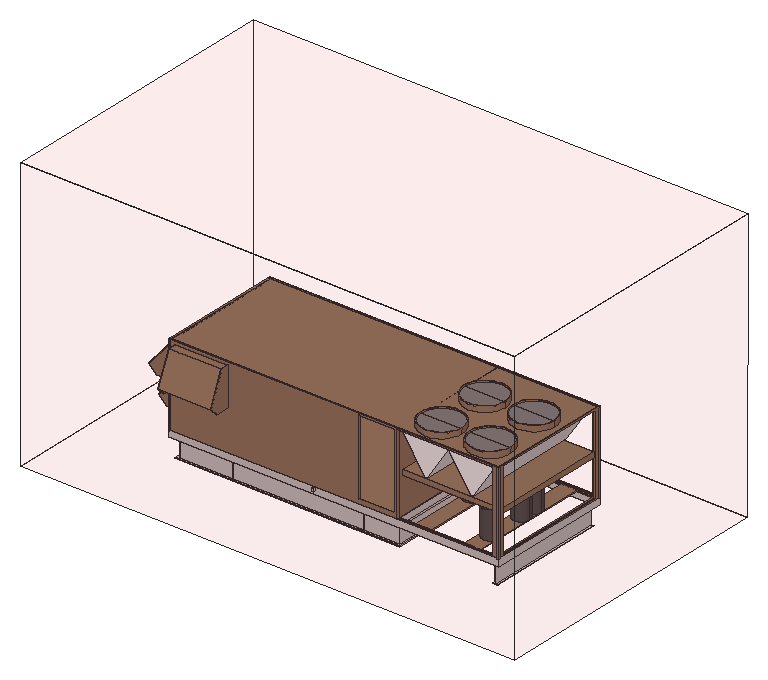
Revit family (continued)
Definition of nested family "Commercial_Comfort_Systems-Series_40-JCI-Economizer_Hood"
  Dimensions and locks (in)
    aligned and locked: plane 5 "Top" to Extrusion 2 sketch curve
    aligned and locked: plane 4 "Front" to Extrusion 2 sketch curve
    aligned and locked: plane 7 "Back Inset" to Extrusion 2 sketch curve
    aligned and locked: Extrusion 2 sketch curve to plane 5 "Top"
    aligned and locked: Extrusion 2 sketch curve to plane 1 "Back"
    aligned and locked: Extrusion 2 sketch curve to plane 2 "Bottom"
    aligned and locked: plane 11 "Left Inset" to Extrusion 2
    aligned and locked: Extrusion 2 to plane 10 "Left"
    aligned and locked: plane 8 "Bottom Inset" to Extrusion 3 sketch curve
    aligned and locked: plane 13 "Top Inset" to Extrusion 3 sketch curve  (x2)
    aligned and locked: plane 4 "Front" to Extrusion 3 sketch curve
    aligned and locked: plane 14 "Front Inset" to Extrusion 3 sketch curve
    aligned and locked: Extrusion 3 sketch curve to plane 8 "Bottom Inset"
    aligned and locked: plane 7 "Back Inset" to Extrusion 3 sketch curve  (x2)
    aligned and locked: plane 1 "Back" to Extrusion 3 sketch curve
    aligned and locked: Extrusion 3 sketch curve to plane 5 "Top"
    aligned and locked: Extrusion 3 to plane 12 "Right Inset"
    aligned and locked: Extrusion 3 to plane 11 "Left Inset"
    aligned and locked: plane 8 "Bottom Inset" to Masking region 1 sketch curve
    aligned and locked: plane 4 "Front" to Masking region 1 sketch curve
    aligned and locked: plane 5 "Top" to Masking region 1 sketch curve
    aligned and locked: plane 6 "Center F/B" to Masking region 1 sketch curve
    aligned and locked: plane 7 "Back Inset" to Masking region 1 sketch curve
    aligned and locked: plane 2 "Bottom" to Masking region 1 sketch curve
    aligned and locked: plane 1 "Back" to Masking region 1 sketch curve
    aligned and locked: Masking region 2 sketch curve to plane 5 "Top"
    aligned and locked: plane 10 "Left" to Masking region 2 sketch curve
    aligned and locked: plane 2 "Bottom" to Masking region 2 sketch curve
    aligned and locked: plane 9 "Right" to Masking region 2 sketch curve
    aligned and locked: curve 1 to plane 8 "Bottom Inset"
    aligned and locked: plane 10 "Left" to curve 1
    aligned and locked: plane 9 "Right" to curve 1
    aligned and locked: Masking region 3 sketch curve to plane 4 "Front"
    aligned and locked: plane 9 "Right" to Masking region 3 sketch curve
    aligned and locked: plane 1 "Back" to Masking region 3 sketch curve
    aligned and locked: plane 10 "Left" to Masking region 3 sketch curve
    aligned and locked: curve 2 to plane 5 "Top"
    aligned and locked: curve 7 to plane 5 "Top"
    aligned and locked: plane 5 "Top" to curve 3
    aligned and locked: plane 5 "Top" to curve 8
    aligned and locked: plane 2 "Bottom" to curve 3
    aligned and locked: plane 2 "Bottom" to curve 8
    aligned and locked: plane 1 "Back" to curve 3
    aligned and locked: plane 1 "Back" to curve 8
    aligned and locked: plane 1 "Back" to curve 9
    aligned and locked: plane 1 "Back" to curve 5
    aligned and locked: plane 6 "Center F/B" to curve 9
    aligned and locked: curve 5 to plane 2 "Bottom"
    aligned and locked: plane 7 "Back Inset" to curve 4
    aligned and locked: plane 8 "Bottom Inset" to curve 4
    aligned and locked: plane 4 "Front" to curve 6
    aligned and locked: plane 4 "Front" to curve 10
    aligned and locked: plane 6 "Center F/B" to curve 10
    aligned and locked: plane 8 "Bottom Inset" to curve 11
    aligned and locked: plane 2 "Bottom" to curve 11
    aligned and locked: plane 7 "Back Inset" to curve 7
    aligned and locked: plane 6 "Center F/B" to curve 5
    aligned and locked: plane 7 "Back Inset" to curve 2
    aligned and locked: plane 1 "Back" to curve 2
    aligned and locked: plane 1 "Back" to curve 7
    aligned and locked: plane 9 "Right" to curve 12
    aligned and locked: plane 9 "Right" to curve 13
    aligned and locked: plane 10 "Left" to curve 12
    aligned and locked: plane 10 "Left" to curve 13
    aligned and locked: curve 12 to plane 5 "Top"
    aligned and locked: curve 13 to plane 5 "Top"
    aligned and locked: plane 9 "Right" to curve 14
    aligned and locked: plane 9 "Right" to curve 15
    aligned and locked: plane 10 "Left" to curve 14
    aligned and locked: plane 10 "Left" to curve 15
    aligned and locked: curve 14 to plane 2 "Bottom"
    aligned and locked: curve 15 to plane 8 "Bottom Inset"
    aligned and locked: plane 5 "Top" to Extrusion 1
    aligned and locked: Extrusion 3 to plane 13 "Top Inset"  (x5)
    aligned and locked: plane 5 "Top" to Extrusion 3
    aligned and locked: plane 5 "Top" to Extrusion 2
    aligned and locked: plane 5 "Top" to Masking region 1
    aligned and locked: plane 10 "Left" to Extrusion 4 sketch curve
    aligned and locked: plane 16 "Cap Back" to Extrusion 4 sketch curve
    aligned and locked: Extrusion 4 sketch curve to plane 1 "Back"
    aligned and locked: plane 9 "Right" to Extrusion 4 sketch curve
    aligned and locked: plane 5 "Top" to Extrusion 4
    aligned and locked: Extrusion 4 to plane 2 "Bottom"
    aligned and locked: plane 1 "Back" to curve 12  (x2)
    aligned and locked: curve 17 to plane 9 "Right"
    aligned and locked: plane 16 "Cap Back" to Extrusion 4
    aligned and locked: plane 16 "Cap Back" to curve 18
    aligned and locked: plane 10 "Left" to curve 18
    aligned and locked: plane 9 "Right" to curve 18
    aligned and locked: curve 19 to plane 9 "Right"
    aligned and locked: plane 5 "Top" to curve 19
    aligned and locked: curve 20 to plane 2 "Bottom"
    aligned and locked: plane 9 "Right" to curve 20
    aligned and locked: plane 10 "Left" to curve 20
    aligned and locked: plane 10 "Left" to curve 21
    aligned and locked: plane 5 "Top" to curve 21
    aligned and locked: plane 2 "Bottom" to curve 21
    aligned and locked: plane 16 "Cap Back" to curve 22
    aligned and locked: plane 1 "Back" to curve 22
    aligned and locked: curve 22 to plane 10 "Left"
    aligned and locked: plane 16 "Cap Back" to curve 23
    aligned and locked: plane 1 "Back" to curve 23
    aligned and locked: plane 9 "Right" to curve 23
  Automatic sketch dimensions
    curve 17 to plane 1 "Back" = 0"
    curve 16 to plane 1 "Back" = 0"
Definition of nested family "Commercial_Comfort_Systems-Series_40-JCI-Exhaust_Standard"
  Parameters (values of type "Exhaust")
    Width = 79"  # constant formula
    Material = Paint - JCI - Powder Coated - Brown
    Height = 29 3/32"
    Depth = 19 77/128"  # constant formula
    Assembly Code = ""
  Reference planes (in)
    plane 1 "Back": y = 0
    plane 2 "Bottom": z = 0
    plane 3 "Center (Left/Right)": x = 0
    plane 4 "Front": y = -19.60156
    plane 5 "Top": z = 29.09375
    plane 6 "Center F/B": y = -13.67156
    plane 7 "Bottom Inset": z = 6
    plane 8 "Right": x = 39.5
    plane 9 "Left": x = -39.5
    plane 10 "Left Inset": x = -39.375
    plane 11 "Right Inset": x = 39.375
    plane 12 "Top Inset": z = 28.90625
    plane 13 "Front Inset": y = -19.35156
    plane 14 "Center (Elevation)": z = 14.54687
  Forms (in)
    Extrusion 1, solid, material "Paint - JCI - Powder Coated - Brown" <- "Material", detail levels fine
      sketch origin (0, 0, 0) x (0, 1, 0) y (0, 0, 1)
        loop
          line (0, 29.09375) -> (-19.60156, 6) -> (-13.67156, 0) -> (0, 0) -> (0, 29.09375)
      from 39.375 to 39.5
    Extrusion 2, solid, material "Paint - JCI - Powder Coated - Brown" <- "Material", detail levels fine
      sketch origin (0, 0, 0) x (0, 1, 0) y (0, 0, 1)
        loop
          line (0, 29.09375) -> (-19.60156, 6) -> (-13.67156, 0) -> (0, 0) -> (0, 29.09375)
      from -39.5 to -39.375
    Extrusion 3, solid, material "Paint - JCI - Powder Coated - Brown" <- "Material", detail levels fine
      sketch origin (0, 0, 0) x (0, 1, 0) y (0, 0, 1)
        loop
          line (0, 29.09375) -> (-19.60156, 6) -> (-19.35156, 6) -> (0, 28.90625) -> (0, 29.09375)
      from -39.375 to 39.375
  Lines and regions (in)
    Masking region 1, detail levels medium+fine
      outline origin (0, 0, 0) x (0, 1, 0) y (0, 0, 1)
        loop
          line (0, 29.09375) -> (-19.60156, 6) -> (-13.67156, 0) -> (0, 0) -> (0, 29.09375)
    Masking region 2, detail levels fine
      outline origin (0, -13.67156, 0) x (0, 0, -1) y (1, 0, 0)
        loop
          line (-29.09375, -39.5) -> (0, -39.5) -> (0, 39.5) -> (-29.09375, 39.5) -> (-29.09375, -39.5)
    Masking region 3, detail levels fine
      outline origin (0, 0, 0) x (1, 0, 0) y (0, 1, 0)
        loop
          line (-39.5, 0) -> (-39.5, -19.60156) -> (39.5, -19.60156) -> (39.5, 0) -> (-39.5, 0)
    symbolic lines, style "Rain Hood", detail levels fine
      curve 1: line (-39.5, 0, 6) -> (39.5, 0, 6)
      curve 2: line (-39.5, -13.67156, 0) -> (39.5, -13.67156, 0)
    model lines, detail levels medium
      curve 3: line (39.5, 0, 29.09375) -> (39.5, 0, 0)
      curve 4: line (39.5, 0, 29.09375) -> (39.5, -19.60156, 6)
      curve 5: line (39.5, -13.67156, 0) -> (39.5, 0, 0)
      curve 6: line (-39.5, 0, 29.09375) -> (-39.5, 0, 0)
      curve 7: line (-39.5, 0, 0) -> (-39.5, -13.67156, 0)
      curve 8: line (-39.5, 0, 29.09375) -> (-39.5, -19.60156, 6)
      curve 9: line (-39.5, -13.67156, 0) -> (-39.5, -19.60156, 6)
      curve 10: line (39.5, -19.60156, 6) -> (39.5, -13.67156, 0)
    model lines, style "Rain Hood", detail levels medium
      curve 11: line (-39.5, 0, 29.09375) -> (39.5, 0, 29.09375)
      curve 12: line (-39.5, 0, 0) -> (39.5, 0, 0)
      curve 13: line (-39.5, -19.60156, 6) -> (39.5, -19.60156, 6)
  Dimensions and locks (in)
    "Depth": plane 4 "Front" to plane 1 "Back"
    "Height": plane 5 "Top" to plane 2 "Bottom"
    locked: plane 4 "Front" to plane 6 "Center F/B" at 5.93
    locked: plane 7 "Bottom Inset" to plane 2 "Bottom" at 6
    locked: plane 11 "Right Inset" to plane 8 "Right" at 0.125
    locked: plane 10 "Left Inset" to plane 9 "Left" at 0.125
    "Width": plane 8 "Right" to plane 9 "Left"
    equal spacing: plane 8 "Right", plane 3 "Center (Left/Right)", plane 9 "Left"
    locked: plane 5 "Top" to plane 12 "Top Inset" at 0.1875
    locked: plane 4 "Front" to plane 13 "Front Inset" at 0.25
    equal spacing: plane 5 "Top", plane 14 "Center (Elevation)", plane 2 "Bottom"
    aligned and locked: level to plane 2 "Bottom"
    aligned and locked: plane 4 "Front" to Extrusion 1 sketch curve
    aligned and locked: plane 7 "Bottom Inset" to Extrusion 1 sketch curve
    aligned and locked: plane 6 "Center F/B" to Extrusion 1 sketch curve
    aligned and locked: Extrusion 1 sketch curve to plane 2 "Bottom"
    aligned and locked: Extrusion 1 sketch curve to plane 1 "Back"
    aligned and locked: plane 5 "Top" to Extrusion 1 sketch curve
    aligned and locked: Extrusion 1 to plane 8 "Right"
    aligned and locked: plane 11 "Right Inset" to Extrusion 1
    aligned and locked: plane 2 "Bottom" to Extrusion 2 sketch curve
    aligned and locked: plane 6 "Center F/B" to Extrusion 2 sketch curve
    aligned and locked: plane 7 "Bottom Inset" to Extrusion 2 sketch curve
    aligned and locked: plane 4 "Front" to Extrusion 2 sketch curve
    aligned and locked: Extrusion 2 sketch curve to plane 1 "Back"
    aligned and locked: Extrusion 2 sketch curve to plane 2 "Bottom"
    aligned and locked: plane 10 "Left Inset" to Extrusion 2
    aligned and locked: Extrusion 2 to plane 9 "Left"
    aligned and locked: plane 7 "Bottom Inset" to Extrusion 3 sketch curve
    aligned and locked: plane 4 "Front" to Extrusion 3 sketch curve
    aligned and locked: plane 13 "Front Inset" to Extrusion 3 sketch curve
    aligned and locked: Extrusion 3 sketch curve to plane 7 "Bottom Inset"
    aligned and locked: Extrusion 3 to plane 11 "Right Inset"
    aligned and locked: Extrusion 3 to plane 10 "Left Inset"
    aligned and locked: plane 7 "Bottom Inset" to Masking region 1 sketch curve
    aligned and locked: plane 4 "Front" to Masking region 1 sketch curve
    aligned and locked: plane 6 "Center F/B" to Masking region 1 sketch curve
    aligned and locked: plane 2 "Bottom" to Masking region 1 sketch curve
    aligned and locked: Masking region 2 sketch curve to plane 5 "Top"
    aligned and locked: plane 9 "Left" to Masking region 2 sketch curve
    aligned and locked: plane 2 "Bottom" to Masking region 2 sketch curve
    aligned and locked: plane 8 "Right" to Masking region 2 sketch curve
    aligned and locked: curve 1 to plane 7 "Bottom Inset"
    aligned and locked: plane 9 "Left" to curve 1
    aligned and locked: plane 8 "Right" to curve 1
    aligned and locked: Masking region 3 sketch curve to plane 4 "Front"
    aligned and locked: plane 8 "Right" to Masking region 3 sketch curve
    aligned and locked: plane 1 "Back" to Masking region 3 sketch curve
    aligned and locked: Masking region 3 sketch curve to plane 9 "Left"
    aligned and locked: plane 8 "Right" to curve 2
    aligned and locked: plane 9 "Left" to curve 2
    aligned and locked: plane 1 "Back" to Extrusion 1 sketch curve
    aligned and locked: Extrusion 1 to Extrusion 3 sketch curve
    aligned and locked: plane 1 "Back" to Extrusion 3 sketch curve
    aligned and locked: plane 5 "Top" to Extrusion 3 sketch curve
    aligned and locked: plane 5 "Top" to Extrusion 2 sketch curve
    aligned and locked: plane 1 "Back" to Masking region 1 sketch curve
    aligned and locked: plane 5 "Top" to Masking region 1 sketch curve
    aligned and locked: plane 6 "Center F/B" to curve 2
    aligned and locked: plane 4 "Front" to curve 4
    aligned and locked: plane 7 "Bottom Inset" to curve 8
    aligned and locked: plane 2 "Bottom" to curve 9
    aligned and locked: plane 4 "Front" to curve 9
    aligned and locked: plane 7 "Bottom Inset" to curve 10
    aligned and locked: plane 6 "Center F/B" to curve 7
    aligned and locked: plane 1 "Back" to curve 7
    aligned and locked: curve 5 to plane 2 "Bottom"
    aligned and locked: plane 2 "Bottom" to curve 3
    aligned and locked: plane 5 "Top" to curve 3
    aligned and locked: plane 1 "Back" to curve 6
    aligned and locked: curve 10 to curve 9
    aligned and locked: plane 2 "Bottom" to curve 6
    aligned and locked: plane 6 "Center F/B" to curve 5
    aligned and locked: plane 1 "Back" to curve 4
    aligned and locked: plane 5 "Top" to curve 8
    aligned and locked: plane 1 "Back" to curve 5
    aligned and locked: plane 5 "Top" to curve 6
    aligned and locked: plane 8 "Right" to curve 11
    aligned and locked: plane 8 "Right" to curve 13
    aligned and locked: plane 8 "Right" to curve 12
    aligned and locked: plane 9 "Left" to curve 11
    aligned and locked: plane 9 "Left" to curve 12
    aligned and locked: plane 9 "Left" to curve 13
    aligned and locked: curve 11 to plane 5 "Top"
    aligned and locked: curve 13 to plane 7 "Bottom Inset"
    aligned and locked: curve 12 to plane 2 "Bottom"
  Automatic sketch dimensions
    Extrusion 3 sketch curve to plane 12 "Top Inset" = 0"
Definition of nested family "Commercial_Comfort_Systems-Series_40-JCI-Power_Exhaust"
  Parameters (values of type "Power Exhaust Optional")
    Width = 59 133/256"  # constant formula
    Power Exhaust = yes
    No Power Exhaust = not(Power Exhaust)  # no
    Material = Paint - JCI - Powder Coated - Brown
    Height = 21 27/64"  # constant formula
    Depth = 20 31/256"  # constant formula
    Assembly Code = ""
  Reference planes (in)
    plane 1 "Back": y = 0
    plane 2 "Bottom": z = 0
    plane 3 "Center (Left/Right)": x = 0
    plane 4 "Front": y = -20.12109
    plane 5 "Top": z = 21.42187
    plane 6 "Center F/B": y = -14.19109
    plane 7 "Back Inset": y = -10.18359
    plane 8 "Bottom Inset": z = 6
    plane 9 "Right": x = 29.75977
    plane 10 "Left": x = -29.75977
    plane 11 "Left Inset": x = -29.63477
    plane 12 "Right Inset": x = 29.63477
    plane 13 "Top Inset": z = 21.23437
    plane 14 "Front Inset": y = -19.87109
    plane 15 "Center (Elevation)": z = 10.71094
    plane 16 "Back Offset": y = 0.5
  Forms (in)
    Extrusion 1, solid, material "Paint - JCI - Powder Coated - Brown" <- "Material", visible <- "Power Exhaust", detail levels fine
      sketch origin (0, 0, 0) x (0, 1, 0) y (0, 0, 1)
        loop
          line (-10.18359, 21.42187) -> (-20.12109, 6) -> (-14.19109, 0) -> (0, 0) -> (0, 21.42187) -> (-10.18359, 21.42187)
      from 29.63477 to 29.75977
    Extrusion 2, solid, material "Paint - JCI - Powder Coated - Brown" <- "Material", visible <- "Power Exhaust", detail levels fine
      sketch origin (0, 0, 0) x (0, 1, 0) y (0, 0, 1)
        loop
          line (0, 21.42187) -> (-10.18359, 21.42187) -> (-20.12109, 6) -> (-14.19109, 0) -> (0, 0) -> (0, 21.42187)
      from -29.75977 to -29.63477
    Extrusion 3, solid, material "Paint - JCI - Powder Coated - Brown" <- "Material", visible <- "Power Exhaust", detail levels fine
      sketch origin (0, 0, 0) x (0, 1, 0) y (0, 0, 1)
        loop
          line (-10.18359, 21.42187) -> (-20.12109, 6) -> (-19.87109, 6) -> (-10.18359, 21.23437) -> (0, 21.23437) -> (0, 21.42187) -> (-10.18359, 21.42187)
      from -29.63477 to 29.63477
    Extrusion 4, solid, material "Paint - JCI - Powder Coated - Brown" <- "Material", visible <- "No Power Exhaust", detail levels fine
      sketch origin (0, 0, 0) x (1, 0, 0) y (0, 0, 1)
        loop
          line (-29.75977, 21.42187) -> (-29.75977, 0) -> (29.75977, 0) -> (29.75977, 21.42187) -> (-29.75977, 21.42187)
      from -0.5 to 0
  Lines and regions (in)
    Masking region 1, visible <- "Power Exhaust", detail levels medium+fine
      outline origin (0, 0, 0) x (0, 1, 0) y (0, 0, 1)
        loop
          line (-10.18359, 21.42187) -> (-20.12109, 6) -> (-14.19109, 0) -> (0, 0) -> (0, 21.42187) -> (-10.18359, 21.42187)
    Masking region 2, visible <- "Power Exhaust", detail levels fine
      outline origin (0, -14.19109, 0) x (0, 0, -1) y (1, 0, 0)
        loop
          line (-21.42187, -29.75977) -> (0, -29.75977) -> (0, 29.75977) -> (-21.42187, 29.75977) -> (-21.42187, -29.75977)
    Masking region 3, visible <- "Power Exhaust", detail levels fine
      outline origin (0, 0, 0) x (1, 0, 0) y (0, 1, 0)
        loop
          line (-29.75977, 0) -> (-29.75977, -20.12109) -> (29.75977, -20.12109) -> (29.75977, 0) -> (-29.75977, 0)
    symbolic lines, style "Rain Hoods", detail levels fine
      curve 1: line (-29.75977, -10.18359, 0) -> (29.75977, -10.18359, 0)
  Dimensions and locks (in)
    "Depth": plane 4 "Front" to plane 1 "Back"
    "Height": plane 5 "Top" to plane 2 "Bottom"
    locked: plane 4 "Front" to plane 7 "Back Inset" at 9.9375
    locked: plane 4 "Front" to plane 6 "Center F/B" at 5.93
    locked: plane 8 "Bottom Inset" to plane 2 "Bottom" at 6
    locked: plane 12 "Right Inset" to plane 9 "Right" at 0.125
    locked: plane 11 "Left Inset" to plane 10 "Left" at 0.125
    "Width": plane 9 "Right" to plane 10 "Left"
    equal spacing: plane 9 "Right", plane 3 "Center (Left/Right)", plane 10 "Left"
    locked: plane 5 "Top" to plane 13 "Top Inset" at 0.1875
    locked: plane 4 "Front" to plane 14 "Front Inset" at 0.25
    equal spacing: plane 5 "Top", plane 15 "Center (Elevation)", plane 2 "Bottom"
    locked: plane 1 "Back" to plane 16 "Back Offset" at 0.5
    aligned and locked: level to plane 2 "Bottom"
    aligned and locked: plane 4 "Front" to Extrusion 1 sketch curve
    aligned and locked: plane 8 "Bottom Inset" to Extrusion 1 sketch curve
    aligned and locked: plane 6 "Center F/B" to Extrusion 1 sketch curve
    aligned and locked: Extrusion 1 sketch curve to plane 2 "Bottom"
    aligned and locked: Extrusion 1 sketch curve to plane 1 "Back"
    aligned and locked: plane 5 "Top" to Extrusion 1 sketch curve  (x2)
    aligned and locked: plane 7 "Back Inset" to Extrusion 1 sketch curve
    aligned and locked: Extrusion 1 to plane 9 "Right"
    aligned and locked: plane 12 "Right Inset" to Extrusion 1
    aligned and locked: plane 2 "Bottom" to Extrusion 2 sketch curve
    aligned and locked: plane 6 "Center F/B" to Extrusion 2 sketch curve
    aligned and locked: plane 8 "Bottom Inset" to Extrusion 2 sketch curve
    aligned and locked: plane 5 "Top" to Extrusion 2 sketch curve
    aligned and locked: plane 4 "Front" to Extrusion 2 sketch curve
    aligned and locked: plane 7 "Back Inset" to Extrusion 2 sketch curve
    aligned and locked: Extrusion 2 sketch curve to plane 5 "Top"
    aligned and locked: Extrusion 2 sketch curve to plane 1 "Back"
    aligned and locked: Extrusion 2 sketch curve to plane 2 "Bottom"
    aligned and locked: plane 11 "Left Inset" to Extrusion 2
    aligned and locked: Extrusion 2 to plane 10 "Left"
    aligned and locked: plane 8 "Bottom Inset" to Extrusion 3 sketch curve
    aligned and locked: plane 13 "Top Inset" to Extrusion 3 sketch curve  (x2)
    aligned and locked: plane 4 "Front" to Extrusion 3 sketch curve
    aligned and locked: plane 14 "Front Inset" to Extrusion 3 sketch curve
    aligned and locked: Extrusion 3 sketch curve to plane 8 "Bottom Inset"
    aligned and locked: plane 7 "Back Inset" to Extrusion 3 sketch curve  (x2)
    aligned and locked: plane 1 "Back" to Extrusion 3 sketch curve
    aligned and locked: Extrusion 3 sketch curve to plane 5 "Top"
    aligned and locked: Extrusion 3 to plane 12 "Right Inset"
    aligned and locked: Extrusion 3 to plane 11 "Left Inset"
    aligned and locked: plane 8 "Bottom Inset" to Masking region 1 sketch curve
    aligned and locked: plane 4 "Front" to Masking region 1 sketch curve
    aligned and locked: plane 5 "Top" to Masking region 1 sketch curve
    aligned and locked: plane 6 "Center F/B" to Masking region 1 sketch curve
    aligned and locked: plane 7 "Back Inset" to Masking region 1 sketch curve
    aligned and locked: plane 2 "Bottom" to Masking region 1 sketch curve
    aligned and locked: plane 1 "Back" to Masking region 1 sketch curve
    aligned and locked: Masking region 2 sketch curve to plane 5 "Top"
    aligned and locked: plane 10 "Left" to Masking region 2 sketch curve
    aligned and locked: plane 2 "Bottom" to Masking region 2 sketch curve
    aligned and locked: plane 9 "Right" to Masking region 2 sketch curve
    aligned and locked: Masking region 3 sketch curve to plane 4 "Front"
    aligned and locked: plane 9 "Right" to Masking region 3 sketch curve
    aligned and locked: plane 1 "Back" to Masking region 3 sketch curve
    aligned and locked: Masking region 3 sketch curve to plane 10 "Left"
    aligned and locked: plane 9 "Right" to curve 1
    aligned and locked: plane 10 "Left" to curve 1
    aligned and locked: plane 7 "Back Inset" to curve 1
    aligned and locked: Extrusion 4 sketch curve to plane 5 "Top"
    aligned and locked: plane 9 "Right" to Extrusion 4 sketch curve
    aligned and locked: plane 10 "Left" to Extrusion 4 sketch curve
    aligned and locked: plane 2 "Bottom" to Extrusion 4 sketch curve
    aligned and locked: plane 1 "Back" to Extrusion 4
    aligned and locked: Extrusion 4 to plane 16 "Back Offset"
Definition of nested family "Commercial_Comfort_Systems-Series_40-JCI-Screen_Door_Detail"
  Parameters (values of type "Screen")
    Width = 32"
    Depth = 34"
    Assembly Code = ""
  Reference planes (in)
    plane 1 "Center (Front/Back)": y = 0
    plane 2: z = 0
    plane 3 "Center (Left/Right)": x = 0
    plane 4 "Left": x = -16
    plane 5 "Back": y = 17
    plane 6 "Right": x = 16
    plane 7 "Front": y = -17
  Lines and regions (in)
    Filled region 1, type "Concrete Block", in view "Ref. Level"
      outline origin (0, 0, 0) x (1, 0, 0) y (0, 1, 0)
        loop
          line (-16, 17) -> (-16, -17) -> (16, -17) -> (16, 17) -> (-16, 17)
  Dimensions and locks (in)
    equal spacing: plane 7 "Front", plane 1 "Center (Front/Back)", plane 5 "Back"
    "Depth": plane 7 "Front" to plane 5 "Back"
    equal spacing: plane 4 "Left", plane 3 "Center (Left/Right)", plane 6 "Right"
    "Width": plane 4 "Left" to plane 6 "Right"
    aligned and locked: Filled region 1 sketch curve to plane 4 "Left"
    aligned and locked: Filled region 1 sketch curve to plane 5 "Back"
    aligned and locked: Filled region 1 sketch curve to plane 6 "Right"
    aligned and locked: Filled region 1 sketch curve to plane 7 "Front"
